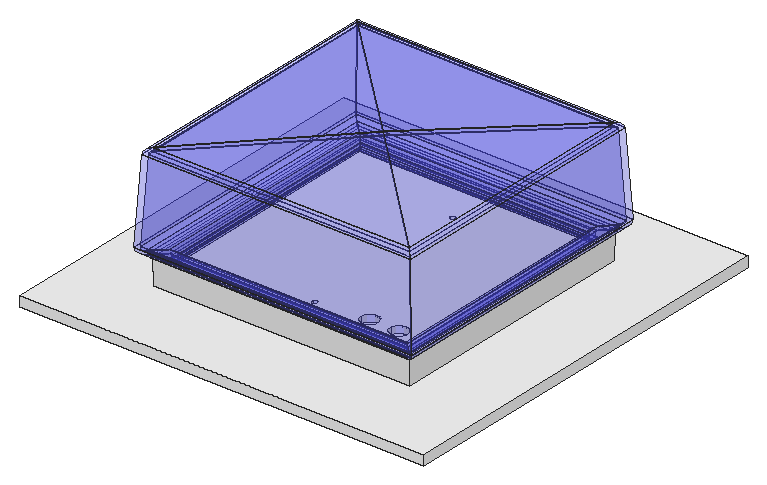
Revit family "BE_12148_de_DE", category Leuchten, Revit 2015
Parameters (values of type "BEGA_12148_K4")
  built-in parameter 1150104 = 11.669 (stored number, unit not read)
  Wattage = 16.8 W
  Default Elevation = 0 mm
  built-in parameter 1150113 = 1 (stored number, unit not read)
  built-in parameter 1114218 = 1 (stored number, unit not read)
  Umgebungstemperatur = ""
  URL = "http://www.bega.de/produkt/12148"
  Typenkommentare = "© 2017 BEGA. Wir behalten uns das Recht vor, technische Änderungen ohne vorherige Ankündigung vorzunehmen."  # constant formula
  built-in parameter 1150134 = 12
  built-in parameter 1150109 = 1 (stored number, unit not read)
  Strom = ""
  built-in parameter 1150110 = 1 (stored number, unit not read)
  Spannung = 239.996 V
  Sonderanfertigung = no
  Seriennummer [instance] = "Hier können Sie die eindeutige Seriennummer für das Facility Management eintragen."
  Schutzklasse = "I"
  Schutzart = "IP 44"
  Scheinlast = 0 VA
  Produktdatenblatt = "http://www.bega.de/download/Xrfa/db/12148.db.de.pdf"
  Oberflächentemperatur = ""
  Neigungswinkel = 0.00°
  Modell = "12148K4"
  Material_17 = BEGA_Reflektor
  Material_15 = BEGA_Leuchtmedium_matt
  Material_11 = BEGA_Glas_opal
  Material_09 = BEGA_Glas_klar
  Material_06 = BEGA_Oberfläche_Edelstahl_gebürstet
  Material_05 = BEGA_Oberfläche_Aluminium Guss
  Material_03 = BEGA_Oberfläche_Weiss_matt
  Material_02 = BEGA_Oberfläche_Silber_matt
  Material_01 [instance] = BEGA_Oberfläche_Grafit_matt
  M_W = no
  M_G = no
  M_A = no
  Logo = 0
  built-in parameter 1114217 = 1 (stored number, unit not read)
  built-in parameter 1150139 = (empty or 0)
  built-in parameter 1150105 = 453.71 (stored number, unit not read)
  built-in parameter 1150114 = 1 (stored number, unit not read)
  Lumens = 2110.08 lm
  built-in parameter 1150115 = 1 (stored number, unit not read)
  Leuchtenlichtstrom = "1345 lm"
  Leuchtenanzahl = ""
  Lebensdauerkriterien = "L70B50 @ 25 °C = 460000 h"
  Lastklassifizierung = Beleuchtung
  built-in parameter 1150112 = 1 (stored number, unit not read)
  Lampenlichtstrom = "2110 lm"
  Lampe = "LED 16.8 W"
  LED_Modulbezeichnung = "2x LED-0262/840 "
  Hersteller = "BEGA"  # constant formula
  Halbstreuwinkel = ""
  Gewicht = "3.2 kg"
  Gebrauchslageneinschränkung [instance] = ""
  Frequenz = "0/50-60 Hz"
  Farbwiedergabeindex = "Ra > 80"
  Farbtemperaturverschiebung bei Dämpfen der Lampe = <Keine Auswahl>
  Farbtemperatur = "4000 K"
  Color Filter = 16777215
  built-in parameter 1150133 = 10 (stored number, unit not read)
  Energieeffizienzklasse = "LED A++ - A"
  built-in parameter 1150137 = (empty or 0)
  built-in parameter 1150132 = (empty or 0)
  ENEC = ""
  Dimmbar [instance] = "DALI"
  Datei für fotometrisches Netz = "BE_12148K4.IES"
  CE_Konformität = "ja"
  Bestellnummer = "12148K4"
  Beschreibung_Sonderanfertigung = "Hier können Sie Informationen zur Sonderanfertigung eintragen."
  Beschreibung = "Decken- und Wandleuchte"
  built-in parameter 1150106 = 4.5371 (stored number, unit not read)
  Befestigungsbohrung = "Ø 5 mm"
  Befestigungsabstand = "170 mm"
  Ballwurfsicher = ""
  BEGA_Intern_aus = yes
  BEGA_Intern_an = yes
  BEGA_Intern_Konstruktion = yes
  BEGA_Intern = yes
  BEGA_IES = yes
  BEGA_Dummy = no
  Anschlussleitung = ""
  Anschlussleistung [instance] = "19.6 W"
  Anschlusskasten = ""
  built-in parameter 1150107 = 4000 (stored number, unit not read)
  built-in parameter 1150102 = (empty or 0)
  built-in parameter 1150138 = (empty or 0)
  Aktualisierung = "2017-06-20T04:08:24"
  Abstand_zur_angestrahlten_Fläche [instance] = ""
  AC/DC = "AC/DC"
Types (2, lengths in mm): name | built-in parameter 1150104 | built-in parameter 1150134 | Modell | built-in parameter 1150105 | Lumens | Leuchtenlichtstrom | Lampenlichtstrom | LED_Modulbezeichnung | Farbtemperatur | Datei für fotometrisches Netz | Bestellnummer | built-in parameter 1150106 | built-in parameter 1150107
  BEGA_12148_K3 | 10.894 (stored number, unit not read) | (empty or 0) | "12148" | 423.79 (stored number, unit not read) | 1969.97 lm | "1256 lm" | "1970 lm" | "2x LED-0262/830 " | "3000 K" | "BE_12148.IES" | "12148" | 4.2379 (stored number, unit not read) | 3000 (stored number, unit not read)
  BEGA_12148_K4 | 11.669 (stored number, unit not read) | 12 | "12148K4" | 453.71 (stored number, unit not read) | 2110.08 lm | "1345 lm" | "2110 lm" | "2x LED-0262/840 " | "4000 K" | "BE_12148K4.IES" | "12148K4" | 4.5371 (stored number, unit not read) | 4000 (stored number, unit not read)
Reference planes
  plane 1 "Mitte (Vorne/Hinten)": y = 0
  plane 2: z = 0
  plane 3 "Mitte (Links/Rechts)": x = 0
  plane 4 "Links": x = -137.097
  plane 5 "Rechts": x = 137.097
  plane 6 "Unten": y = -137.097
  plane 7 "Oben": y = 137.097
  plane 8 "Vorne": z = 127.705
  plane 9 "Hinten": z = 0
Forms (mm)
  Extrusion 1, solid, material "BEGA_Platte_Weiss"
    sketch origin (0, -1119.2, 0) x (1, 0, 0) y (0, 1, 0)
      loop
        line (-200, 1319.2) -> (-200, 919.2) -> (200, 919.2) -> (200, 1319.2) -> (-200, 1319.2)
    from 0 to -10
  Extrusion 2, solid, material "BEGA_Dummy_matt", visible <- "BEGA_Dummy"
    sketch origin (80.095, -76.023, 0) x (1, 0, 0) y (0, 1, 0)
      loop
        line (-217.193, 213.12) -> (-217.193, -61.074) -> (57.002, -61.074) -> (57.002, 213.12) -> (-217.193, 213.12)
    from 0 to 127.705
Dimensions and locks
  plane 1 "Mitte (Vorne/Hinten)" to Extrusion 1 = 200 mm
  aligned and locked: plane 2 to Extrusion 1
  aligned and locked: level to Extrusion 1
Nested families
  nested 1: "BE_12148" at (0, 0, 0), type "BE_12148"
Connectors
  electrical at (0, 0, 0), driven by "Lastklassifizierung", driven by "Spannung", driven by "Scheinlast"
    settings: index 1, voltage 239.996 V, apparent load 0 VA, apparent load phase1 0 VA, apparent load phase2 0 VA, apparent load phase3 0 VA, power factor 1, load classification "Beleuchtung", number of poles 1, system type 31, power factor state 1, is connector primary yes, connector utility no, sub classification motor no, connector description ""
Definition of nested family "BE_12148"
  Parameters (values of type "BE_12148")
    Default Elevation = 1 mm
    URL = "http://www.bega.de/de/produkt"
    Type Comments = "© 2015 BEGA. Wir behalten uns das Recht vor, technische Änderungen ohne vorherige Ankündigung vorzunehmen. "  # constant formula
    Type Image = (empty or 0)
    Neigungswinkel_um_Z2 = 0.00°
    Neigungswinkel_um_Z1 = 0.00°
    Neigungswinkel_um_Y2 = 0.00°
    Neigungswinkel_um_Y1 = 0.00°
    Neigungswinkel_um_X2 = 0.00°
    Neigungswinkel_um_X1 = 0.00°
    Material_17 = none
    Material_15 = none
    Material_11 = none
    Material_09 = none
    Material_06 = none
    Material_05 = none
    Material_03 = none
    Material_02 = none
    Material_01 = none
    M_W = yes
    M_G = yes
    M_A = yes
    Länge_Platte = 400 mm  # constant formula
    Höhe_Platte = -10 mm  # constant formula
    Manufacturer = "BEGA"  # constant formula
    Drehwinkel_um_Z2 = 0.00°
    Drehwinkel_um_Z1 = 0.00°
    Breite_Platte = 400 mm  # constant formula
  Reference planes
    plane 1 "Mitte (Oben/Unten)": y = 0
    plane 2: z = 0
    plane 3 "Mitte (Links/Rechts)": x = 0
    plane 4: x = -137.097
    plane 5: z = 127.705
    plane 6: x = 137.097
    plane 7: y = -137.097
    plane 8: y = 137.097
  Forms (mm)
    Extrusion 1, solid, detail levels medium
      sketch origin (0, 0, 0) x (1, 0, 0) y (0, 1, 0)
        loop
          line (-200, 200) -> (-200, -200) -> (200, -200) -> (200, 200) -> (-200, 200)
      from 0 to -10 <- "Höhe_Platte"
    Sweep 2, solid, material <- "Material_03", detail levels medium+fine
      path origin (0, 0, 0) x (1, 0, 0) y (0, 1, 0)
        loop
          line (-128.25, 128.25) -> (-128.25, -128.25) -> (128.25, -128.25) -> (128.25, 128.25) -> (-128.25, 128.25)
      profile origin (-128.25, 0, 0) x (1, 0, 0) y (0, 0, 1)
        loop
          line (3.424, 7.491) -> (128.245, 7.491) -> (128.245, 13.8) -> (4.291, 13.8) -> (3.75, 29.3) -> (0.038, 29.3) -> (0, 27.1) -> (1.25, 27.1) -> (1.679, 2.5) -> (3.25, 2.5) -> (3.424, 7.491)
    Sweep 3, solid, material <- "Material_11", detail levels medium+fine
      path origin (0, 0, 0) x (1, 0, 0) y (0, 1, 0)
        loop
          line (-90.75, 90.75) -> (-90.75, -90.75) -> (90.75, -90.75) -> (90.75, 90.75) -> (-90.75, 90.75)
      profile origin (-90.75, 0, 0) x (1, 0, 0) y (0, 0, 1)
        loop
          line (90.746, 124.205) -> (90.746, 127.705)
          arc (90.746, 127.705) -> (27.206, 126.927) -> (-36.306, 124.912) r 3265.573
          arc (-36.306, 124.912) -> (-40.277, 123.183) -> (-42.05, 119.232) r 6
          line (-42.05, 119.232) -> (-46.347, 37.391)
          arc (-46.347, 37.391) -> (-44.488, 32.264) -> (-39.514, 30.027) r 7
          line (-39.514, 30.027) -> (-27.015, 29.735)
          arc (-27.015, 29.735) -> (-26.118, 29.342) -> (-25.75, 28.435) r 1.3
          line (-25.75, 28.435) -> (-25.75, 24.703)
          arc (-25.75, 24.703) -> (-26.019, 23.912) -> (-26.714, 23.447) r 1.3
          line (-26.714, 23.447) -> (-29.5, 22.624) -> (-29.5, 17.705) -> (-26, 17.705) -> (-26, 20.019)
          arc (-26, 20.019) -> (-23.303, 21.703) -> (-22.25, 24.703) r 4.8
          line (-22.25, 24.703) -> (-22.25, 28.435)
          arc (-22.25, 28.435) -> (-23.615, 31.788) -> (-26.933, 33.234) r 4.8
          line (-26.933, 33.234) -> (-39.438, 33.526)
          arc (-39.438, 33.526) -> (-41.924, 34.645) -> (-42.852, 37.208) r 3.5
          line (-42.852, 37.208) -> (-38.563, 119.048)
          arc (-38.563, 119.048) -> (-37.818, 120.695) -> (-36.163, 121.415) r 2.5
          arc (-36.163, 121.415) -> (27.278, 123.43) -> (90.746, 124.205) r 3249.669
    Extrusion 4, void
      sketch origin (0, 0, 0) x (1, 0, 0) y (0, 1, 0)
        loop
          circle (50, -80) r 8.53
        loop
          circle (79, -80) r 8.53
        loop
          circle (0, 85) r 2.5
        loop
          circle (0, -85) r 2.5
      from 0 to 15
    Revolve 5, solid, material <- "Material_03", detail levels medium+fine
      sketch origin (0, -110, 0) x (1, 0, 0) y (0, 0, 1)
        loop
          line (-105.644, 0) -> (-104.254, 9.3)
          arc (-104.254, 9.3) -> (-103.581, 10.516) -> (-102.277, 11) r 2
          line (-102.277, 11) -> (-102.277, 12.24) -> (-110, 12.24) -> (-110, 0) -> (-105.644, 0)
        axis (-110, 0) -> (-110, 12.24)
      angle from 0 to 360
    Revolve 6, solid, material <- "Material_03", detail levels medium+fine
      sketch origin (0, -110, 0) x (-1, 0, 0) y (0, 0, -1)
        loop
          line (-105.644, 0) -> (-110, 0) -> (-110, -12.24) -> (-102.277, -12.24) -> (-102.277, -11)
          arc (-102.277, -11) -> (-103.581, -10.516) -> (-104.254, -9.3) r 2
          line (-104.254, -9.3) -> (-105.644, 0)
        axis (-110, 0) -> (-110, -12.24)
      angle from 0 to 360
    Revolve 7, solid, material <- "Material_03", detail levels medium+fine
      sketch origin (0, 110, 0) x (1, 0, 0) y (0, 0, -1)
        loop
          line (-105.644, 0) -> (-110, 0) -> (-110, -12.24) -> (-102.277, -12.24) -> (-102.277, -11)
          arc (-102.277, -11) -> (-103.581, -10.516) -> (-104.254, -9.3) r 2
          line (-104.254, -9.3) -> (-105.644, 0)
        axis (-110, 0) -> (-110, -12.24)
      angle from 0 to 360
    Revolve 8, solid, material <- "Material_03", detail levels medium+fine
      sketch origin (0, 110, 0) x (-1, 0, 0) y (0, 0, 1)
        loop
          line (-105.644, 0) -> (-104.254, 9.3)
          arc (-104.254, 9.3) -> (-103.581, 10.516) -> (-102.277, 11) r 2
          line (-102.277, 11) -> (-102.277, 12.24) -> (-110, 12.24) -> (-110, 0) -> (-105.644, 0)
        axis (-110, 0) -> (-110, 12.24)
      angle from 0 to 360
  Cuts and joins
    Extrusion 4 cuts Sweep 2
    joined: Sweep 2, Revolve 5, Revolve 6, Revolve 7, Revolve 8
    Extrusion 4 cuts Sweep 3
  Dimensions and locks
    equal spacing: Extrusion 1 sketch curve, plane 3 "Mitte (Links/Rechts)", Extrusion 1 sketch curve
    equal spacing: Extrusion 1 sketch curve, plane 1 "Mitte (Oben/Unten)", Extrusion 1 sketch curve
    "Länge_Platte": Extrusion 1 sketch curve to Extrusion 1 sketch curve
    "Breite_Platte": Extrusion 1 sketch curve to Extrusion 1 sketch curve
    aligned and locked: Extrusion 1 to plane 2
    aligned and locked: Extrusion 1 to level
  Automatic sketch dimensions
    Sweep 2 sketch curve to plane 4 = 8.847 mm
    Sweep 2 sketch curve to plane 6 = 8.847 mm
    Sweep 2 sketch curve to plane 7 = 8.847 mm
    Sweep 2 sketch curve to plane 8 = 8.847 mm
    Sweep 3 sketch curve to plane 4 = 46.347 mm
    Sweep 3 sketch curve to plane 6 = 46.347 mm
    Sweep 3 sketch curve to plane 7 = 46.347 mm
    Sweep 3 sketch curve to plane 8 = 46.347 mm
    Sweep 3 sketch curve to Sweep 3 sketch curve = 0 mm  (x25)
    profile plane to Sweep 3 sketch curve = 39.514 mm
    Sweep 3 sketch curve to Sweep 3 sketch curve = 0.157 mm
    profile plane to Sweep 3 sketch curve = 36.06 mm
    Sweep 3 sketch curve to Sweep 3 sketch curve = 0.002 mm
    Sweep 3 sketch curve to Sweep 3 sketch curve = 10.014 mm
    Sweep 3 sketch curve to Sweep 3 sketch curve = 2.45 mm  (x2)
    Sweep 3 sketch curve to Sweep 3 sketch curve = 0.035 mm
    Sweep 3 sketch curve to Sweep 3 sketch curve = 0.082 mm
    Sweep 3 sketch curve to Sweep 3 sketch curve = 0.336 mm
    Sweep 3 sketch curve to Sweep 3 sketch curve = 0.714 mm
    Sweep 3 sketch curve to profile plane = 90.746 mm
    Sweep 3 sketch curve to profile plane = 98.7 mm
    Sweep 3 sketch curve to Sweep 3 sketch curve = 0.27 mm
    Sweep 3 sketch curve to level = 3137.858 mm
    Sweep 3 sketch curve to Sweep 3 sketch curve = 12.403 mm
    level to Sweep 3 sketch curve = 17.705 mm
    Sweep 3 sketch curve to Sweep 3 sketch curve = 2.314 mm
    Sweep 3 sketch curve to Sweep 3 sketch curve = 2.605 mm
    Sweep 3 sketch curve to Sweep 3 sketch curve = 0.823 mm
    Sweep 3 sketch curve to Sweep 3 sketch curve = 1.256 mm  (x2)
    Sweep 3 sketch curve to Sweep 3 sketch curve = 3.732 mm  (x2)
    Sweep 3 sketch curve to Sweep 3 sketch curve = 1.3 mm
    Sweep 3 sketch curve to Sweep 3 sketch curve = 7.403 mm
    Sweep 3 sketch curve to Sweep 3 sketch curve = 3.499 mm  (x2)
    Sweep 3 sketch curve to Sweep 3 sketch curve = 6.998 mm
    Sweep 3 sketch curve to Sweep 3 sketch curve = 81.893 mm
    level to Sweep 3 sketch curve = 124.205 mm
    Sweep 3 sketch curve to Sweep 3 sketch curve = 3.5 mm
    Sweep 3 sketch curve to Sweep 3 sketch curve = 5.99 mm
    Sweep 3 sketch curve to Sweep 3 sketch curve = 0.008 mm
    Sweep 3 sketch curve to Sweep 3 sketch curve = 3.495 mm  (x2)
    Sweep 3 sketch curve to Sweep 3 sketch curve = 0.075 mm
    Sweep 3 sketch curve to Sweep 3 sketch curve = 2.503 mm
    Sweep 3 sketch curve to Sweep 3 sketch curve = 0.007 mm
    Extrusion 4 sketch curve to plane 3 "Mitte (Links/Rechts)" = 0 mm  (x2)
    plane 3 "Mitte (Links/Rechts)" to Extrusion 4 sketch curve = 50 mm
    Extrusion 4 sketch curve to Extrusion 4 sketch curve = 29 mm
    Extrusion 4 sketch curve to plane 7 = 52.097 mm
    Extrusion 4 sketch curve to plane 7 = 57.097 mm
    Extrusion 4 sketch curve to Extrusion 4 sketch curve = 0 mm
    Extrusion 4 sketch curve to plane 8 = 52.097 mm
    Revolve 5 sketch curve to level = 0 mm
    level to Revolve 5 sketch curve = 12.24 mm
    Revolve 5 sketch curve to plane 4 = 27.097 mm
    Revolve 5 sketch curve to Revolve 5 sketch curve = 4.356 mm
    level to Revolve 5 sketch curve = 9.3 mm
    Revolve 5 sketch curve to Revolve 5 sketch curve = 5.746 mm
    Revolve 5 sketch curve to Revolve 5 sketch curve = 1.977 mm  (x2)
    Revolve 5 sketch curve to Revolve 5 sketch curve = 0.3 mm
    Revolve 5 sketch curve to Revolve 5 sketch curve = 0 mm
    Revolve 5 sketch curve to level = 1.744 mm
    Revolve 5 sketch curve to Revolve 5 sketch curve = 0.944 mm
    Revolve 6 sketch curve to level = 0 mm
    level to Revolve 6 sketch curve = 12.24 mm
    Revolve 6 sketch curve to plane 6 = 27.097 mm
    Revolve 6 sketch curve to Revolve 6 sketch curve = 4.356 mm
    level to Revolve 6 sketch curve = 9.3 mm
    Revolve 6 sketch curve to Revolve 6 sketch curve = 5.746 mm
    Revolve 6 sketch curve to Revolve 6 sketch curve = 1.977 mm  (x2)
    Revolve 6 sketch curve to Revolve 6 sketch curve = 1.24 mm
    Revolve 6 sketch curve to Revolve 6 sketch curve = 0 mm
    Revolve 6 sketch curve to Revolve 6 sketch curve = 0.944 mm
    Revolve 6 sketch curve to level = 1.744 mm
    Revolve 7 sketch curve to level = 0 mm
    level to Revolve 7 sketch curve = 12.24 mm
    Revolve 7 sketch curve to plane 4 = 27.097 mm
    Revolve 7 sketch curve to Revolve 7 sketch curve = 4.356 mm
    level to Revolve 7 sketch curve = 9.3 mm
    Revolve 7 sketch curve to Revolve 7 sketch curve = 5.746 mm
    Revolve 7 sketch curve to Revolve 7 sketch curve = 1.977 mm  (x2)
    Revolve 7 sketch curve to Revolve 7 sketch curve = 1.24 mm
    Revolve 7 sketch curve to Revolve 7 sketch curve = 0 mm
    Revolve 7 sketch curve to Revolve 7 sketch curve = 0.944 mm
    Revolve 7 sketch curve to level = 1.744 mm
    Revolve 8 sketch curve to level = 0 mm
    level to Revolve 8 sketch curve = 12.24 mm
    Revolve 8 sketch curve to plane 6 = 27.097 mm
    Revolve 8 sketch curve to Revolve 8 sketch curve = 4.356 mm
    level to Revolve 8 sketch curve = 9.3 mm
    Revolve 8 sketch curve to Revolve 8 sketch curve = 5.746 mm
    Revolve 8 sketch curve to Revolve 8 sketch curve = 1.977 mm  (x2)
    Revolve 8 sketch curve to Revolve 8 sketch curve = 0.3 mm
    Revolve 8 sketch curve to Revolve 8 sketch curve = 0 mm
    Revolve 8 sketch curve to level = 1.744 mm
    Revolve 8 sketch curve to Revolve 8 sketch curve = 0.944 mm
    Sweep 2 sketch curve to profile plane = 0 mm
    Sweep 2 sketch curve to profile plane = 0.038 mm
    Sweep 2 sketch curve to Sweep 2 sketch curve = 1.25 mm
    Sweep 2 sketch curve to profile plane = 1.679 mm
    Sweep 2 sketch curve to Sweep 2 sketch curve = 1.571 mm
    Sweep 2 sketch curve to profile plane = 3.424 mm
    Sweep 2 sketch curve to Sweep 2 sketch curve = 2.5 mm
    Sweep 2 sketch curve to profile plane = 4.291 mm
    level to Sweep 2 sketch curve = 13.8 mm
    Sweep 2 sketch curve to Sweep 2 sketch curve = 123.954 mm
    Sweep 2 sketch curve to Sweep 2 sketch curve = 6.309 mm
    level to Sweep 2 sketch curve = 2.5 mm
    Sweep 2 sketch curve to Sweep 2 sketch curve = 13.3 mm
    Sweep 2 sketch curve to Sweep 2 sketch curve = 2.2 mm
    radius of Extrusion 4 sketch curve = 8.53 mm  (x2)
    radius of Extrusion 4 sketch curve = 2.5 mm  (x2)
